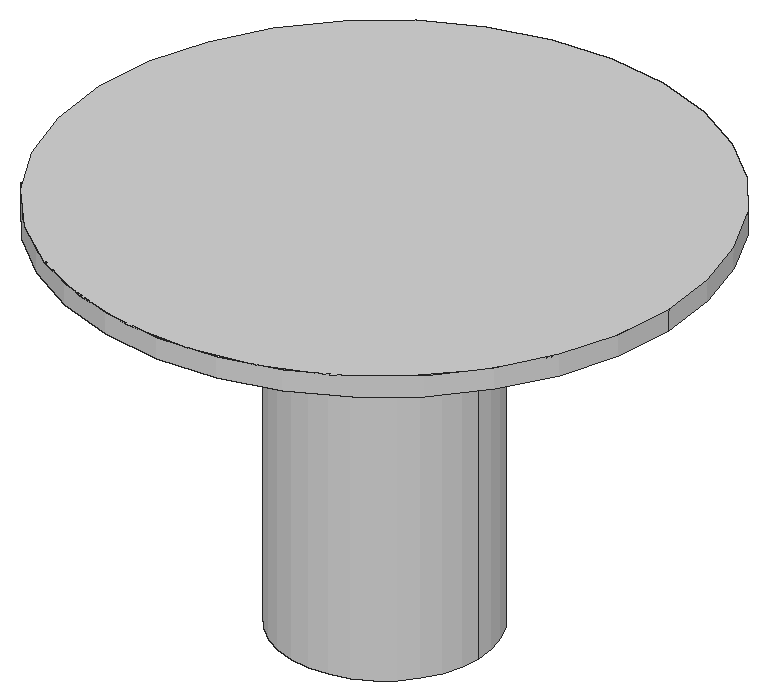
Revit family "LIANO II WALL HOOK - LARGE", category Specialty Equipment, host Face, Revit 2020
Family settings
  Host = Face
  Round Connector Dimension = Use Radius
  Part Type = Normal
  OmniClass Number = 23.40.20.21.31
  OmniClass Title = Robe Hooks
  Cut with Voids When Loaded = No
  Shared = No
  Room Calculation Point = No
Parameters (values of type "LIANO II WALL HOOK - LARGE - CHROME")
  URL = "https://www.caroma.com.au/"
  Model = "96451C"
  Material_Base = GWA_Metal-Chrome
  Manufacturer = "GWA Bathrooms & Kitchens"  # constant formula
  Description = "LIANO II WALL HOOK - LARGE - CHROME"
  Default Elevation = 1000.00 mm
  CreatedBy_ANZRS = "GWA Bathrooms & Kitchens"  # constant formula
  Assembly Code = "C1030220"
Types (7, lengths in mm): name | Model | Material_Base | Description
  (no name) | "96451C" | GWA_Metal-Chrome | "LIANO II WALL HOOK - LARGE - CHROME"
  LIANO II WALL HOOK - LARGE - CHROME | "96451C" | GWA_Metal-Chrome | "LIANO II WALL HOOK - LARGE - CHROME"
  LIANO II WALL HOOK - LARGE - MATTE BLACK | "96451B" | GWA-Metal-Black | "LIANO II WALL HOOK - LARGE - MATTE BLACK"
  LIANO II WALL HOOK - LARGE - BRUSHED NICKEL | "96451BN" | GWA_Metal-Brushed-Nickel | "LIANO II WALL HOOK - LARGE - BRUSHED NICKEL"
  LIANO II WALL HOOK - LARGE - BRUSHED BRASS | "96451BB" | GWA_Metal-Brushed-Brass | "LIANO II WALL HOOK - LARGE - BRUSHED BRASS"
  LIANO II WALL HOOK - LARGE - GUNMETAL | "96451GM" | GWA-Metal-Gunmetal Grey | "LIANO II WALL HOOK - LARGE - GUNMETAL"
  LIANO II WALL HOOK - LARGE - BRUSHED BRONZE | "96451BBZ" | GWA_Metal-Brushed-Bronze | "LIANO II WALL HOOK - LARGE - BRUSHED BRONZE"
Reference planes
  plane 1 "Center (Front/Back)": y = 0
  plane 2: z = 0
  plane 3 "Center (Left/Right)": x = 0
Forms (mm)
  Extrusion 1, solid, material "GWA_Metal-Chrome" <- "Material_Base"
    sketch origin (0, 0, 0) x (1, 0, 0) y (0, 1, 0)
      loop
        circle (0, 0) r 15
    from 0 to 57
  Extrusion 2, solid, material "GWA_Metal-Chrome" <- "Material_Base"
    sketch origin (0, 0, 0) x (1, 0, 0) y (0, 1, 0)
      loop
        circle (0, 0) r 45
    from 57 to 60
Lines and regions (mm)
  Masking region 1
    outline origin (0, 0, 0) x (1, 0, 0) y (0, 1, 0)
      loop
        circle (0, 0) r 45
  Masking region 2
    outline origin (300, 0, 0) x (0, 1, 0) y (0, 0, 1)
      loop
        line (15, 57) -> (45, 57) -> (45, 60) -> (-45, 60) -> (-45, 57) -> (-15, 57) -> (-15, 0) -> (15, 0) -> (15, 57)
  Masking region 3
    outline origin (0, 0, 0) x (1, 0, 0) y (0, 0, 1)
      loop
        line (45, 60) -> (-45, 60) -> (-45, 57) -> (-15, 57) -> (-15, 0) -> (15, 0) -> (15, 57) -> (45, 57) -> (45, 60)
  symbolic lines
    curve 1: circle (0, 0, 0) r 45 normal (0, 0, 1)
    curve 2: line (300, -45, 60) -> (300, 45, 60)
    curve 3: line (300, -45, 57) -> (300, -45, 60)
    curve 4: line (300, 45, 57) -> (300, -45, 57)
    curve 5: line (300, 45, 60) -> (300, 45, 57)
    curve 6: line (300, -15, 0) -> (300, -15, 57)
    curve 7: line (300, -15, 0) -> (300, 15, 0)
    curve 8: line (300, 15, 0) -> (300, 15, 57)
    curve 9: line (45, 0, 60) -> (-45, 0, 60)
    curve 10: line (45, 0, 57) -> (45, 0, 60)
    curve 11: line (-45, 0, 57) -> (45, 0, 57)
    curve 12: line (-45, 0, 60) -> (-45, 0, 57)
    curve 13: line (15, 0, 0) -> (15, 0, 57)
    curve 14: line (15, 0, 0) -> (-15, 0, 0)
    curve 15: line (-15, 0, 0) -> (-15, 0, 57)
Dimensions and locks
  aligned and locked: plane 2 to host face
  aligned and locked: level to host face
